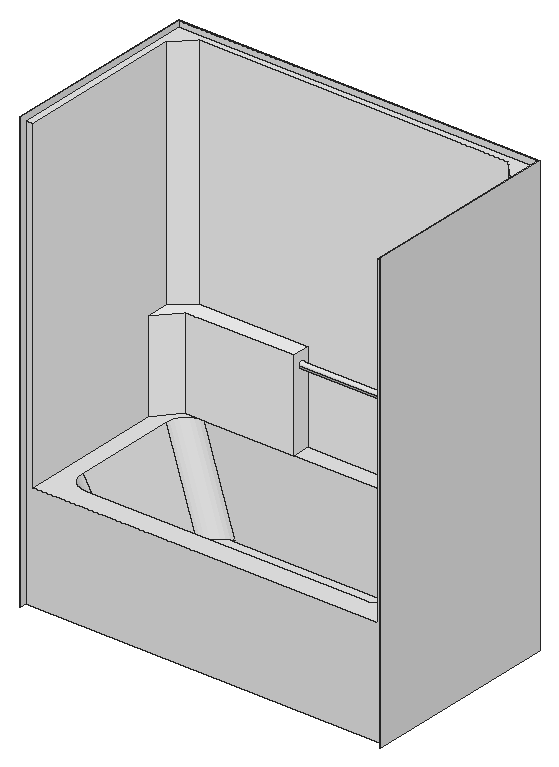
Revit family "DTS6032CP", category Plumbing Fixtures, Revit 2014
Parameters (values of type "DTS6032CP")
  Unit Width = 5' - 0"
  Unit Height = 6' - 1"
  URL = "http://www.best-bath.com"
  Type Comments = "Independent Living"
  Model = "DTS6032CP"
  Material [instance] = Best Bath Gelcoat Fiberglass - Diamond Tile
  Manufacturer = "Best Bath Systems. Inc."
  Keynote = "22 40 00.D3"
  Description = "Diamond Tile"
  Assembly Code = "D2010700"
Reference planes (in)
  plane 1 "Back": y = 0
  plane 2: z = 0.25
  plane 3 "Left": x = 0
  plane 4: x = 60
  plane 5: y = -32
  plane 6: z = 72.25
  plane 7: z = 73.25
  plane 8: x = 52
  plane 9: z = 18
  plane 10: y = -16.25
  plane 11: y = -1.25
  plane 12: x = 10
  plane 13: x = 56
  plane 14: y = -5.25
  plane 15: y = -26
  plane 16: y = -4.25
  plane 17: y = -28.5
  plane 18: x = 4
  plane 19: x = 57
  plane 20: x = 1.25
  plane 21: x = 58.75
  plane 22: z = 33
  plane 23: z = 31
  plane 24: y = -2.75
  plane 25: y = -33
Forms (in)
  Extrusion 1, solid, material "Best Bath Gelcoat Fiberglass - Smooth"
    sketch origin (0, 0, 0.25) x (1, 0, 0) y (0, 1, 0)
      loop
        line (60, -32) -> (60, 0) -> (0, 0) -> (0, -32) -> (1.25, -32) -> (1.25, -4.25) -> (4.25, -1.25) -> (55.69211, -1.25) -> (58.75, -4.30789) -> (58.75, -32) -> (60, -32)
    from 0 to 72
  Extrusion 2, solid, material "Best Bath Gelcoat Fiberglass - Smooth"
    sketch origin (0, 0, 0.25) x (1, 0, 0) y (0, 1, 0)
      loop
        line (0, -32) -> (60, -32) -> (60, 0) -> (0, 0) -> (0, -32)
      loop
        circle (52, -16.25) r 1.625
    from 0 to 17.75
  Blend 3, void
    base sketch origin (0, 0, 0.25) x (1, 0, 0) y (0, 1, 0)
      loop
        arc (13.5, -5.25) -> (11.02513, -6.27513) -> (10, -8.75) r 3.5
        line (10, -8.75) -> (10, -22.5)
        arc (10, -22.5) -> (11.02513, -24.97487) -> (13.5, -26) r 3.5
        line (13.5, -26) -> (52.5, -26)
        arc (52.5, -26) -> (54.97487, -24.97487) -> (56, -22.5) r 3.5
        line (56, -22.5) -> (56, -8.75)
        arc (56, -8.75) -> (54.97487, -6.27513) -> (52.5, -5.25) r 3.5
        line (52.5, -5.25) -> (13.5, -5.25)
    top sketch origin (0, 0, 0.25) x (1, 0, 0) y (0, 1, 0)
      loop
        arc (7.5, -4.25) -> (5.02513, -5.27513) -> (4, -7.75) r 3.5
        line (4, -7.75) -> (4, -25)
        arc (4, -25) -> (5.02513, -27.47487) -> (7.5, -28.5) r 3.5
        line (7.5, -28.5) -> (53.5, -28.5)
        arc (53.5, -28.5) -> (55.97487, -27.47487) -> (57, -25) r 3.5
        line (57, -25) -> (57, -7.75)
        arc (57, -7.75) -> (55.97487, -5.27513) -> (53.5, -4.25) r 3.5
        line (53.5, -4.25) -> (7.5, -4.25)
    from 2.23617 to 17.75
  Extrusion 4, solid, material "Best Bath Gelcoat Fiberglass - Smooth"
    sketch origin (0, 0, 0.25) x (1, 0, 0) y (0, 1, 0)
      loop
        line (37.5, -4.25) -> (55.94211, -4.25) -> (60, -8.55789) -> (60, 0) -> (37.5, 0) -> (37.5, -4.25)
      loop
        line (22.5, -4.25) -> (22.5, 0) -> (0, 0) -> (0, -9.55789) -> (4.30789, -4.25) -> (22.5, -4.25)
    from 17.75 to 32.75
  Sweep 5, solid, material "Best Bath Gelcoat Fiberglass - Smooth"
    path origin (0, 0, 0.25) x (1, 0, 0) y (0, 1, 0)
      loop
        line (22.5, -4.25) -> (37.5, -4.25)
    profile origin (30, -4.25, 0.25) x (0, 1, 0) y (0, 0, 1)
      loop
        circle (1.5, 30.75) r 0.5
  Extrusion 6, solid, material "Best Bath Gelcoat Fiberglass - Smooth"
    sketch origin (0, 0, 0.25) x (1, 0, 0) y (0, 1, 0)
      loop
        line (0, -33) -> (0.125, -33) -> (0.125, -0.125) -> (59.875, -0.125) -> (59.875, -33) -> (60, -33) -> (60, 0) -> (0, 0) -> (0, -33)
    from 0 to 73
Cuts and joins
  Blend 3 cuts Extrusion 2
  joined: Extrusion 1, Extrusion 2, Extrusion 4, Sweep 5, Extrusion 6
Lines and regions (in)
  Split face 1
    outline origin (0, -32, 18) x (0, 0, -1) y (1, 0, 0)
      loop
        line (13.71365, 1.5) -> (13.75, 1.5) -> (13.75, 58.5) -> (13.71365, 58.5) -> (13.71365, 1.5)
Dimensions and locks (in)
  "Unit Width": plane 3 "Left" to plane 4
  locked: plane 7 to plane 6 at 1
  "Unit Height": plane 7 to level
  plane 3 "Left" to plane 8 to plane 4 = 4' - 4", 0' - 8"
  plane 10 to plane 1 "Back" = 1' - 4 1/4"
  plane 13 to plane 4 = 0' - 4"
  locked: plane 15 to plane 5 at 6
  plane 3 "Left" to plane 12 = 0' - 10"
  locked: Extrusion 1 to plane 14 at 5.25
  locked: plane 16 to plane 1 "Back" at 4.25
  locked: plane 17 to plane 5 at 3.5
  locked: plane 19 to plane 4 at 3
  locked: plane 3 "Left" to plane 18 at 4
  locked: plane 9 to level at 17.75
  locked: plane 11 to plane 1 "Back" at 1.25
  locked: plane 3 "Left" to plane 20 at 1.25
  locked: plane 21 to plane 4 at 1.25
  locked: plane 22 to plane 9 at 15
  plane 22 to plane 23 = 0' - 2"
  locked: plane 5 to plane 25 at 1
  locked: plane 25 to plane 1 "Back" at 33
  radius of Blend 3 sketch curve = 0' - 3 1/2"  (x4)
  aligned and locked: level to plane 2
  aligned and locked: plane 6 to Extrusion 1
  aligned and locked: Extrusion 1 sketch curve to plane 4
  aligned and locked: plane 5 to Extrusion 1 sketch curve
  aligned and locked: Extrusion 1 sketch curve to plane 5
  aligned and locked: Extrusion 2 sketch curve to Extrusion 1  (x3)
  aligned and locked: Extrusion 2 sketch curve to plane 1 "Back"
  aligned and locked: plane 10 to Extrusion 2 sketch curve
  aligned and locked: plane 8 to Extrusion 2 sketch curve
  aligned and locked: plane 15 to Blend 3 sketch curve
  aligned and locked: Blend 3 sketch curve to plane 14
  aligned and locked: Blend 3 sketch curve to plane 13
  aligned and locked: plane 12 to Blend 3 sketch curve
  aligned and locked: plane 18 to Blend 3 sketch curve
  aligned and locked: Blend 3 sketch curve to plane 19
  aligned and locked: plane 17 to Blend 3 sketch curve
  aligned and locked: Blend 3 sketch curve to plane 16
  aligned and locked: plane 9 to cut or joined group of Extrusion 1, Extrusion 2, Blend 3, Extrusion 4, Sweep 5, Extrusion 6
  aligned and locked: Extrusion 1 sketch curve to plane 20
  aligned and locked: plane 22 to Extrusion 4
  aligned and locked: plane 23 to Sweep 5 sketch curve
  aligned and locked: plane 24 to Sweep 5 sketch curve
  aligned and locked: plane 9 to Blend 3
Automatic sketch dimensions
  plane 18 to Blend 3 sketch curve = 0' - 3 1/2"  (x2)
  plane 17 to Blend 3 sketch curve = 0' - 3 1/2"
  Blend 3 sketch curve to plane 19 = 0' - 3 1/2"
  plane 1 "Back" to Extrusion 1 sketch curve = 0' - 0"
  Extrusion 1 sketch curve to plane 3 "Left" = 0' - 0"
  Extrusion 1 sketch curve to plane 11 = 0' - 0"
  Extrusion 1 sketch curve to plane 11 = 0' - 3"
  Extrusion 1 sketch curve to plane 21 = 0' - 0"
  plane 20 to Extrusion 1 sketch curve = 0' - 3"
  Extrusion 1 sketch curve to plane 21 = 0' - 3.05789"
  Extrusion 1 sketch curve to plane 11 = 0' - 3.05789"
  Extrusion 4 sketch curve to plane 3 "Left" = 0' - 0"
  plane 1 "Back" to Extrusion 4 sketch curve = 0' - 0"  (x2)
  Extrusion 4 sketch curve to plane 4 = 0' - 0"
  plane 10 to Extrusion 4 sketch curve = 0' - 6.69211"
  plane 3 "Left" to Extrusion 4 sketch curve = 0' - 4.30789"
  Extrusion 4 sketch curve to Extrusion 4 sketch curve = 1' - 6.19211"
  Extrusion 4 sketch curve to plane 11 = 0' - 3"  (x2)
  plane 8 to Extrusion 4 sketch curve = 1' - 2 1/2"
  Extrusion 4 sketch curve to plane 8 = 0' - 3.94211"
  Extrusion 4 sketch curve to Extrusion 4 sketch curve = 0' - 4.30789"
  Sweep 5 sketch curve to plane 11 = 0' - 3"
  plane 3 "Left" to Sweep 5 sketch curve = 1' - 10 1/2"
  plane 8 to Sweep 5 sketch curve = 1' - 2 1/2"
  cut or joined group of Extrusion 1, Extrusion 2, Blend 3, Extrusion 4, Sweep 5, Extrusion 6 to Split face 1 sketch curve = 0' - 0 1/4"  (x2)
  Split face 1 sketch curve to Split face 1 sketch curve = 0' - 0.03635"
  Split face 1 sketch curve to cut or joined group of Extrusion 1, Extrusion 2, Blend 3, Extrusion 4, Sweep 5, Extrusion 6 = 0' - 4.03635"
  plane 1 "Back" to Extrusion 6 sketch curve = 0' - 0"
  Extrusion 6 sketch curve to plane 3 "Left" = 0' - 0"
  Extrusion 6 sketch curve to plane 25 = 0' - 0"  (x2)
  Extrusion 6 sketch curve to plane 4 = 0' - 0"
  plane 3 "Left" to Extrusion 6 sketch curve = 0' - 0 1/8"
  Extrusion 6 sketch curve to Extrusion 6 sketch curve = 0' - 0 1/8"
  plane 1 "Back" to Extrusion 6 sketch curve = 0' - 0 1/8"
  radius of Extrusion 2 sketch curve = 0' - 1 5/8"
  radius of Sweep 5 sketch curve = 0' - 0 1/2"
